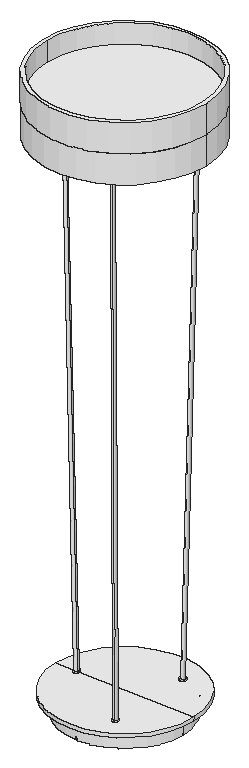
Revit family "DEEP FOCUS ROUND LIGHT", category Lighting Fixtures, host Face, Revit 2020 (continued)
Types (13): name | Wattage Comments | Wattage | Surface Mount | Photometric Web File | Order number | built-in parameter 1150142 | Model | built-in parameter 1150105 | Lumens | built-in parameter 1150106 | Fixture Diameter | Finish/Color | D2 | D1 | Apparent Load | Aircraft Cable Pendant Mount
  DFRID19-50-40901-SMK | "50 W" | 28.6114 W | yes | "DFRID19_50_XX901.IES" | "16831" | "IESNA:LM-63-2002\r\n[TEST] \r\n[DATE] 2022-08-10\r\n[MANUFAC] Aboveall lighting\r\n[LUMCAT] \r\n[LUMINAIRE] DFRID19-50-30901\r\n[LAMPCAT] \r\n[LAMP] SAMSUNG 2835 3000K\r\nTILT=NONE\r\n1 4420.9 0.9 181 9 1 2 0.48 0.48 0.10 \r\n1 1 50.9\r\n0. 1. 2. 3. 4. 5. 6. 7. 8. 9. 10. 11. 12. 13. 14. 15. 16. 17. 18. 19. 20. 21. 22. 23. 24. 25. 26. 27. 28. 29. 30. 31. 32. 33. 34. 35. 36. 37. 38. 39. 40. 41. 42. 43. 44. 45. 46. 47. 48. 49. 50. 51. 52. 53. 54. 55. 56. 57. 58. 59. 60. 61. 62. 63. 64. 65. 66. 67. 68. 69. 70. 71. 72. 73. 74. 75. 76. 77. 78. 79. 80. 81. 82. 83. 84. 85. 86. 87. 88. 89. 90. 91. 92. 93. 94. 95. 96. 97. 98. 99. 100. 101. 102. 103. 104. 105. 106. 107. 108. 109. 110. 111. 112. 113. 114. 115. 116. 117. 118. 119. 120. 121. 122. 123. 124. 125. 126. 127. 128. 129. 130. 131. 132. 133. 134. 135. 136. 137. 138. 139. 140. 141. 142. 143. 144. 145. 146. 147. 148. 149. 150. 151. 152. 153. 154. 155. 156. 157. 158. 159. 160. 161. 162. 163. 164. 165. 166. 167. 168. 169. 170. 171. 172. 173. 174. 175. 176. 177. 178. 179. 180. \r\n0. 45. 90. 135. 180. 225. 270. 315. 360. \r\n1205.18 1206.517 1204.393 1202.977 1199.791 1197.312 1193.064 1186.692 1183.859 1176.779 1168.99 1164.742 1155.184 1144.209 1138.544 1125.445 1111.992 1104.912 1090.397 1082.962 1067.385 1050.746 1042.604 1023.486 1014.636 897.807 897.807 897.807 897.807 897.807 897.807 897.807 887.541 865.945 854.97 832.667 820.984 798.68 776.377 753.011 740.974 717.255 704.156 680.082 656.008 643.971 618.836 593.7 581.309 556.527 531.037 518.293 493.157 480.412 454.922 429.432 403.942 390.844 365.0 337.952 325.172 312.816 287.645 275.254 250.65 238.507 214.433 191.138 179.809 157.435 146.602 125.148 104.862 77.354 76.222 58.768 50.661 35.084 21.312 15.435 9.948 9.311 9.098 8.674 8.709 12.78 47.9 66.982 83.833 100.295 106.668 120.687 128.122 143.663 159.382 167.064 181.898 190.359 205.653 214.539 229.975 245.091 252.809 267.572 267.076 281.131 295.257 300.319 308.604 308.214 308.32 308.108 309.666 310.834 311.825 315.153 318.162 322.269 324.11 328.995 336.395 339.545 342.271 340.961 344.927 348.077 354.379 374.204 380.577 395.092 411.377 407.483 396.508 416.333 421.998 426.954 437.929 450.674 456.338 453.152 450.674 445.717 438.991 435.805 434.743 432.619 431.202 431.91 434.389 437.575 438.283 436.867 437.929 446.78 450.674 452.09 455.984 456.338 453.86 454.568 460.232 459.878 458.462 454.568 455.276 460.587 465.897 468.729 471.915 472.623 466.251 454.922 449.258 453.506 470.145 474.393 480.058 482.89 483.952 482.182 477.934 \r\n1205.18 1201.915 1201.915 1199.791 1197.667 1196.604 1192.71 1188.108 1185.63 1179.965 1176.425 1169.344 1161.202 1156.6 1146.333 1141.022 1122.967 1122.967 1110.222 1096.061 1087.919 1073.05 1064.907 1048.976 1032.337 1023.486 899.223 899.223 899.223 899.223 899.223 899.223 899.223 899.223 877.982 856.74 846.12 823.462 801.513 775.315 766.464 754.781 731.77 708.404 698.137 673.001 660.611 636.537 612.109 599.718 574.937 562.192 537.41 512.628 499.883 462.003 462.003 435.451 409.961 397.216 372.08 358.981 334.129 309.028 296.673 260.279 248.278 236.489 213.194 190.43 179.172 157.293 136.052 125.714 105.039 77.531 74.097 56.219 47.687 32.039 25.348 13.949 10.869 10.55 10.019 9.806 9.452 15.896 46.696 59.264 83.267 106.774 114.067 130.281 147.699 164.126 172.375 189.262 197.794 214.752 231.355 239.604 255.818 271.254 266.581 241.197 221.974 210.574 203.175 201.653 202.538 204.272 205.653 208.06 211.07 235.745 271.643 294.089 328.854 343.121 362.876 370.31 383.763 395.8 401.464 412.439 417.395 427.662 437.929 442.885 453.152 463.773 468.375 478.288 487.138 491.741 500.591 507.672 511.566 519.001 525.373 528.913 536.348 539.534 545.552 545.552 549.447 556.173 559.005 561.13 562.546 572.104 577.769 579.539 582.371 582.371 583.433 586.619 590.16 590.514 590.16 589.098 589.098 588.744 588.035 588.744 589.452 590.514 591.222 590.16 585.911 578.123 573.52 589.098 645.742 685.392 689.287 679.02 672.293 662.381 664.151 \r\n1205.18 1203.331 1203.331 1202.977 1200.853 1199.791 1197.312 1196.25 1192.356 1188.108 1185.63 1179.257 1176.425 1168.99 1164.742 1155.538 1145.625 1139.606 1127.924 1121.905 1108.098 1094.291 1086.857 1071.634 1063.845 1048.268 1030.921 1022.07 1004.015 1004.015 1004.015 1004.015 1004.015 1004.015 1004.015 886.479 876.212 854.262 843.287 820.63 798.68 787.352 775.669 752.303 728.937 705.572 693.181 681.144 657.07 632.289 607.153 594.762 569.98 557.589 531.037 519.001 493.865 468.021 466.605 431.556 406.421 393.676 368.186 343.333 330.695 305.984 281.414 269.342 257.376 222.08 210.574 188.129 175.88 154.284 132.866 122.67 102.561 102.561 74.097 56.078 47.723 46.625 25.384 14.515 12.568 11.789 11.116 10.833 10.479 10.939 29.172 56.361 56.361 76.151 105.145 115.625 134.388 151.31 159.453 174.782 190.465 198.219 213.619 229.373 229.373 253.057 260.916 276.033 290.69 296.461 307.577 311.861 316.392 316.534 317.914 320.605 322.092 325.668 327.792 332.146 337.138 340.147 346.166 349.033 354.379 359.689 362.522 367.832 374.204 377.391 387.657 404.651 410.315 424.122 431.91 446.78 460.941 482.182 494.927 517.585 525.019 527.851 528.205 526.081 523.957 522.541 521.479 521.125 522.895 528.913 531.746 536.702 537.056 538.472 542.012 548.739 550.155 551.217 549.447 546.615 548.031 549.801 549.801 547.677 543.782 541.658 539.888 538.118 542.012 544.136 546.969 548.385 549.447 540.596 534.578 519.001 509.442 495.989 483.598 480.412 476.872 \r\n1205.18 1205.809 1205.101 1204.039 1201.915 1200.499 1196.958 1193.064 1190.586 1184.922 1178.549 1175.363 1167.574 1158.724 1154.122 1143.147 1131.464 1125.091 1111.638 1104.558 1090.397 1075.528 1058.181 1050.392 1042.249 1024.548 1015.698 997.288 889.311 889.311 889.311 889.311 889.311 889.311 889.311 867.715 857.448 835.145 813.195 801.513 775.315 755.135 743.452 720.441 696.721 685.038 660.611 636.183 624.146 599.364 574.583 561.838 536.702 523.957 498.821 486.076 460.587 435.451 422.706 395.446 382.701 356.857 331.544 318.835 293.805 281.45 256.987 233.055 221.372 198.254 186.89 164.622 143.38 132.476 111.553 76.788 76.788 62.202 46.306 37.562 23.826 13.736 12.674 11.895 11.506 11.01 10.479 12.462 47.935 51.404 100.189 106.526 115.306 131.874 139.592 163.453 171.029 179.526 197.829 215.353 223.921 232.276 260.492 260.492 266.758 253.234 234.931 227.673 213.123 209.937 210.432 212.026 214.539 216.345 220.027 228.346 235.108 253.199 265.059 283.857 295.363 300.036 308.427 312.285 319.472 327.119 330.801 337.634 341.032 348.077 351.795 358.981 365.708 368.54 374.204 377.391 383.055 387.657 392.968 398.278 401.11 404.297 410.315 415.625 418.103 423.06 420.936 418.103 414.563 415.625 417.041 418.812 417.749 418.812 421.644 426.246 426.6 426.246 421.998 419.52 418.812 418.458 418.103 416.333 414.917 412.439 409.253 407.483 402.526 398.986 390.844 380.223 373.142 360.397 406.775 427.662 442.885 447.488 444.655 439.699 436.159 \r\n1205.18 1208.287 1208.287 1208.287 1207.579 1205.809 1205.809 1202.269 1200.499 1196.25 1191.294 1188.462 1185.63 1179.257 1171.469 1166.512 1156.954 1146.687 1141.022 1128.986 1115.887 1115.887 1094.645 1080.13 1072.342 1056.411 1039.063 1030.567 1013.22 1004.015 1004.015 1004.015 1004.015 1004.015 1004.015 905.95 885.416 874.442 852.492 830.897 818.86 796.556 785.227 762.216 749.825 726.459 702.74 690.349 666.275 653.884 629.102 603.967 590.868 564.316 539.534 526.789 501.299 488.554 465.897 438.637 412.793 399.694 373.496 348.077 335.085 309.701 296.815 271.573 259.075 234.294 209.866 196.59 173.862 162.356 140.017 118.492 108.048 88.258 78.841 60.397 51.829 46.66 22.127 16.25 11.081 10.196 9.771 8.957 8.284 11.081 30.8 60.22 73.602 76.611 104.473 110.208 124.015 131.804 145.433 161.329 168.622 179.384 187.846 206.892 215.566 219.708 228.275 233.161 242.826 247.145 255.571 263.642 267.36 273.307 275.573 278.157 280.99 282.193 285.273 288.92 290.973 294.867 298.903 300.78 303.612 305.205 307.117 311.082 315.472 317.773 322.057 323.791 325.809 332.252 343.9 354.379 359.335 368.186 370.31 374.204 380.931 383.763 390.136 396.154 393.322 391.906 391.198 385.179 381.639 375.621 369.956 367.832 367.832 371.018 371.372 371.372 371.726 377.745 383.763 389.427 392.614 392.26 393.676 393.322 390.136 390.136 388.719 388.011 390.136 391.906 392.614 392.968 392.968 389.427 378.099 372.08 369.248 428.724 447.488 464.127 474.747 \r\n1205.18 1202.623 1202.269 1200.499 1200.145 1197.312 1194.126 1189.524 1187.4 1184.213 1184.213 1171.823 1163.68 1159.078 1149.873 1144.209 1132.88 1126.861 1113.409 1099.602 1092.875 1078.006 1070.218 1054.286 1037.647 1029.505 1011.803 1002.953 1002.953 1002.953 1002.953 1002.953 1002.953 1002.953 885.416 863.113 853.554 830.189 807.885 796.556 773.899 750.533 739.204 727.167 703.802 679.728 667.337 643.263 630.518 606.091 580.601 568.21 543.074 518.293 503.778 478.288 466.959 441.823 428.37 402.88 376.683 363.584 338.165 312.816 300.072 275.254 250.508 238.471 214.468 202.502 179.207 156.798 135.061 124.404 101.959 101.959 72.292 53.847 47.298 29.49 22.622 16.533 9.984 9.346 8.815 8.709 8.355 9.028 20.604 41.067 57.21 68.433 70.663 77.496 87.515 87.515 100.862 106.809 109.04 114.138 119.448 122.316 126.139 124.511 117.784 116.757 116.687 115.094 109.925 108.261 108.225 109.783 109.783 111.695 111.695 113.854 114.739 123.272 136.724 146.956 158.603 186.359 212.911 234.4 243.463 257.801 265.979 280.069 290.265 295.752 305.311 314.445 318.799 326.942 333.916 337.704 343.546 350.556 354.025 355.441 354.379 356.503 365.0 365.0 381.639 386.241 395.8 398.278 399.694 408.899 413.855 419.874 439.345 447.134 464.127 472.623 492.803 511.212 523.957 539.888 548.739 561.13 565.378 567.502 571.042 571.75 571.75 571.042 568.918 567.502 562.546 557.943 555.111 543.782 543.782 554.049 663.797 685.392 678.312 667.337 666.275 \r\n1205.18 1201.561 1199.437 1197.667 1194.48 1190.586 1188.108 1182.443 1179.257 1172.885 1165.096 1160.494 1151.289 1145.979 1134.65 1122.613 1115.887 1102.788 1095.353 1081.192 1073.404 1057.119 1040.479 1031.629 1014.636 1005.431 899.931 899.931 899.931 899.931 899.931 899.931 889.311 879.044 857.448 835.499 824.524 801.867 775.669 768.234 743.806 719.733 708.05 683.976 659.903 647.866 623.438 610.693 585.911 573.52 548.385 523.249 510.504 472.269 472.269 434.743 422.352 409.607 383.409 368.894 343.44 318.268 305.382 280.494 255.854 243.675 219.531 207.813 173.083 161.754 150.425 128.546 107.27 76.788 76.788 58.343 48.608 33.951 26.941 15.294 12.178 11.789 11.293 11.116 13.63 16.144 47.192 51.369 71.053 104.19 104.19 109.819 121.643 130.317 145.717 160.834 169.755 187.81 196.236 213.088 229.16 237.303 251.358 256.916 260.421 264.882 268.776 273.449 281.485 290.442 295.115 304.001 307.046 312.215 317.914 320.109 324.783 327.154 332.394 337.35 340.006 345.281 348.219 354.379 357.919 363.938 368.894 370.664 375.266 378.453 385.533 397.924 405.713 419.874 434.743 442.885 459.17 474.039 483.598 493.511 476.518 457.754 424.476 405.359 398.278 386.595 380.931 371.018 367.832 367.124 367.478 367.124 366.416 368.894 381.285 388.719 391.552 391.906 389.427 389.073 391.198 390.844 385.179 382.347 380.223 379.515 377.745 372.788 368.894 362.168 354.733 343.723 339.262 329.031 403.234 417.749 434.743 445.009 453.86 464.127 471.915 \r\n1205.18 1205.455 1204.747 1201.915 1201.207 1198.374 1196.958 1192.71 1190.232 1184.922 1177.841 1175.009 1165.804 1162.264 1152.351 1141.022 1135.358 1122.967 1116.595 1102.434 1088.273 1080.484 1065.261 1048.976 1040.479 1023.486 1005.431 1005.431 1005.431 1005.431 1005.431 1005.431 1005.431 897.807 875.858 875.858 843.287 831.959 809.655 786.998 775.669 753.011 740.974 717.963 693.889 682.206 658.132 645.742 620.96 608.569 584.141 559.005 545.906 519.709 494.219 481.828 467.313 467.313 418.812 393.322 367.124 354.733 329.279 304.249 291.646 267.218 255.04 242.826 207.671 196.13 173.508 162.568 139.627 118.669 108.261 87.763 78.027 59.795 51.05 46.767 21.171 15.435 10.55 10.09 9.488 10.771 12.055 15.081 42.943 56.644 77.213 117.642 121.041 135.733 151.204 159.453 173.401 181.119 195.811 211.105 221.867 241.728 260.315 268.74 276.317 277.202 256.951 246.26 226.647 215.424 213.088 214.256 214.716 216.168 217.725 221.336 224.877 227.603 237.268 258.509 272.139 289.982 302.656 308.462 321.278 332.217 337.173 345.635 351.83 355.087 361.814 367.832 370.31 375.266 377.391 381.993 384.471 390.136 392.614 398.278 403.234 405.713 410.669 412.793 415.625 414.917 415.979 412.439 410.315 407.837 407.837 408.899 411.731 411.731 410.315 411.023 414.917 414.563 413.501 408.545 406.421 405.005 405.005 405.005 400.048 399.34 397.57 396.862 395.092 384.825 382.347 373.142 368.186 359.335 344.643 374.912 438.991 453.152 445.717 437.221 436.867 \r\n1205.18 1206.517 1204.393 1202.977 1199.791 1197.312 1193.064 1186.692 1183.859 1176.779 1168.99 1164.742 1155.184 1144.209 1138.544 1125.445 1111.992 1104.912 1090.397 1082.962 1067.385 1050.746 1042.604 1023.486 1014.636 897.807 897.807 897.807 897.807 897.807 897.807 897.807 887.541 865.945 854.97 832.667 820.984 798.68 776.377 753.011 740.974 717.255 704.156 680.082 656.008 643.971 618.836 593.7 581.309 556.527 531.037 518.293 493.157 480.412 454.922 429.432 403.942 390.844 365.0 337.952 325.172 312.816 287.645 275.254 250.65 238.507 214.433 191.138 179.809 157.435 146.602 125.148 104.862 77.354 76.222 58.768 50.661 35.084 21.312 15.435 9.948 9.311 9.098 8.674 8.709 12.78 47.9 66.982 83.833 100.295 106.668 120.687 128.122 143.663 159.382 167.064 181.898 190.359 205.653 214.539 229.975 245.091 252.809 267.572 267.076 281.131 295.257 300.319 308.604 308.214 308.32 308.108 309.666 310.834 311.825 315.153 318.162 322.269 324.11 328.995 336.395 339.545 342.271 340.961 344.927 348.077 354.379 374.204 380.577 395.092 411.377 407.483 396.508 416.333 421.998 426.954 437.929 450.674 456.338 453.152 450.674 445.717 438.991 435.805 434.743 432.619 431.202 431.91 434.389 437.575 438.283 436.867 437.929 446.78 450.674 452.09 455.984 456.338 453.86 454.568 460.232 459.878 458.462 454.568 455.276 460.587 465.897 468.729 471.915 472.623 466.251 454.922 449.258 453.506 470.145 474.393 480.058 482.89 483.952 482.182 477.934 \r\n" | "DFRID19-50-40901-SMK" | 338.2 (stored number, unit not read) | 4250 lm | 3.382 (stored number, unit not read) | 1' - 6 115/128" | White-PMMA Aluminum | 0' - 7 243/256" | 0' - 9 115/256" | 62.5 VA | no
